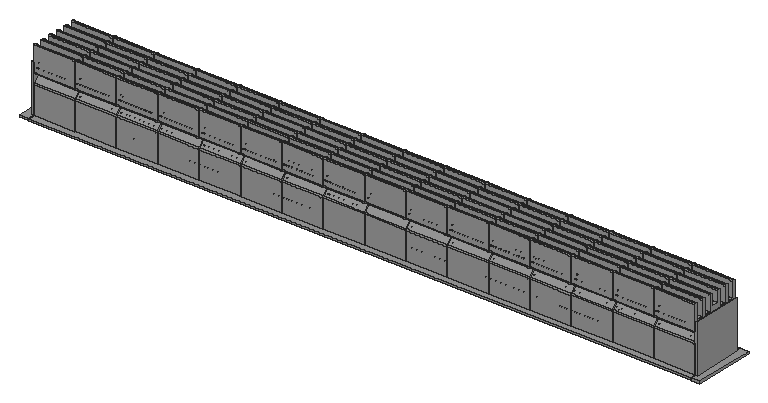
Revit family "Artemide_Sharp_TrimTrimless", category Lighting Fixtures, Revit 2018
Family settings
  Round Connector Dimension = Use Diameter
  Part Type = Normal
  Work Plane-Based = Yes
  Always vertical = Yes
  Cut with Voids When Loaded = Yes
  Light Source = Yes
  Shared = No
  Room Calculation Point = No
Parameters (values of type "Sharp_16opticunit_44W_52°_4000K_TrimWhite_AF25501")
  Wattage = 44 W
  built-in parameter 1150110 = 1 (stored number, unit not read)
  Voltage = "-"
  V_Trim = yes
  V_2Optics = if(or(Distance_RightSideClosure < 21 mm, Distance_RightSideClosure > 131 mm), 1 = 0, 1 = 1)  # no
  V_1Optic = if(Distance_RightSideClosure < 58 mm, 1 = 0, 1 = 1)  # yes
  TotalNumberOfOptics = NumberOfOptics + 1  # 16
  built-in parameter 1114217 = 1 (stored number, unit not read)
  Tilt Angle = 90.00°
  built-in parameter 1150109 = 1 (stored number, unit not read)
  built-in parameter 1150134 = 12
  built-in parameter 1150113 = 1 (stored number, unit not read)
  Product Range = "Sharp"
  Photometric Web File = "AF25501+AF95201.IES"
  NumberOfOptics = 15
  Max Height from ceiling = 0 mm
  M_Trim = Artemide_Aluminum_White
  M_Louvre [instance] = Artemide_Aluminum_Black
  M_Housing = Artemide_Aluminum_Black
  M_Diffuser = Artemide_Glass_LightBulb
  built-in parameter 1150105 = 265.37 (stored number, unit not read)
  Lumens = 3334.76 lm
  built-in parameter 1150115 = 1 (stored number, unit not read)
  built-in parameter 1150137 = (empty or 0)
  built-in parameter 1150139 = (empty or 0)
  built-in parameter 1150112 = 1 (stored number, unit not read)
  built-in parameter 1150114 = 1 (stored number, unit not read)
  built-in parameter 1150132 = (empty or 0)
  built-in parameter 1150102 = (empty or 0)
  built-in parameter 1150107 = 4000 (stored number, unit not read)
  built-in parameter 1150138 = (empty or 0)
  built-in parameter 1150106 = 2.6537 (stored number, unit not read)
  IfcExportType = "NOT DEFINED"  # constant formula
  IfcExportAs = "IfcLightFixtureType"  # constant formula
  Weekly = "-"
  Warranty ID = "https://cloud.artemide.com/5-years-warranty"
  Upward Component  = 0
  Unified Glare Rating  = "-"
  Uniclass 2015 = "Pr_70_70_48"  # constant formula
  URL to O&M Manual = "https://www.artemide.com/contents/documenti/prodotto/sharp__instructions4862552.pdf"
  URL to Energy Technology List = "-"
  Trim Material = "Aluminium"
  Trim Finish = "Painted"
  Trim Colour  = "White"
  Total Power = 0
  Total Light Output  = 0
  Testing method = "-"
  Supply Phase = 0
  Suitable for Photocell Control = "-"
  Suitable for Motion Detector Control = "N"
  Suitable for Dimming  = "N"
  Suitable Dimmer Type = "-"
  Standards = "-"
  Shipping Weight = 0
  Service life  = "-"
  Secondary Rated Lamp Life = 0
  Secondary Lamp Voltage = 0
  Secondary Lamp International Type Code = "-"
  Secondary Lamp Initial Lumens  = 0
  Secondary Lamp Included = "-"
  Secondary Lamp Efficacy = 0
  Secondary Lamp Colour Temperature = 0
  Secondary Lamp Colour Rendering Index = 0
  Secondary Lamp Cap = "-"
  Secondary Lamp = "N"
  Responsible Sourcing of Materials = "-"
  Responsible Extraction of Materials = "-"
  Reflector Material = "-"
  Reflector Finish = "-"
  Rated Lamp Life = 103000
  Quarterly = "-"
  Product Model Number = "AF25501"
  Product Literature = "https://www.artemide.com/en/subfamily/3396139/sharp"
  Primary Lamp Type = "LED"
  Power Supply Kit = "-"
  Power Factor = 0
  Photocell = "-"
  Overall Width = 43
  Overall Light Output Ratio = 0
  Overall Length = 589
  Overall Height = 38
  Output Lumens Indirect light = 0
  Output Lumens Direct light = 3335
  Number of Secondary Lamps = 0
  Number of Primary Lamps = 1
  Number of Poles = 0
  Motion Sensor = "-"
  Motion Detector = "-"
  Monthly = "-"
  Minimum Operating Temperature = 0
  Maximum Operating Temperature = 0
  Material Ingredient Reporting = "-"
  Manufacturer Website = "https://www.artemide.com"
  Manufacturer = "Artemide"
  Maintenance Required: 8001-12000hrs  = "-"
  Maintenance Required: 601-1000hrs = "-"
  Maintenance Required: 4001-8000hrs  = "-"
  Maintenance Required: 301-600hrs  = "-"
  Maintenance Required: 2001-4000hrs  = "-"
  Maintenance Required: 1001-2000hrs  = "-"
  Maintenance Required: 0-300hrs  = "-"
  Luminance at 65deg Angle = 0
  Luminaire Type = "Downlight"
  Luminaire Maintenance Factor = 0
  Luminaire Cleaning Interval  = "-"
  Louvre/Lens = "-"
  Location of Manufacturer = "-"
  Light Output Pattern = "-"
  Light Fixture Mounting Type = "Recessed"
  Life Cycle Analysis = "-"
  Lamp Survival Factor = "-"
  Lamp Replacement Interval = "-"
  Lamp Included = "Y"
  Lamp Holder Material = "-"
  Lamp Cap = "LED Integrated"
  LED lifetime = 103000
  LED Maintained Colour Variation         = 0
  LED Initial Colour Variation                      = 0
  International Type Code = "-"
  Intended Market = "Unset"
  Integral Fuse or Circuit Protection  = "-"
  Integral Emergency Lighting Battery Type = "-"
  Input Lumens Indirect light = 0
  Input Lumens Direct light = 4543.91
  Initial Lumens = 804
  Infills = "-"
  IP Rating = "IP20"
  IK Rating = "-"
  IES Files  = "-"
  Housing Material = "Aluminium"
  Housing Finish  = "Painted"
  Housing Colour  = "Black"
  Hazardous Area Protection Type = "-"
  Hazardous Area Category = "-"
  Gross Weight = 0
  Green Guide for Specification = "-"
  Gasket Material = "-"
  Frequency  = 0
  Fixings = "-"
  Fixing Material = "-"
  Fire Shroud = "-"
  Fire Rating Duration = 0
  Fire Rated Temperature = 0
  Fire Rated = "-"
  Features = "Any additional components/accessories included in this file are required to complete the product/configuration and must be ordered separately.Please check the catalogue/dedicated brochure for more information"
  Face Width = 0
  Face Shape = "Rectangular"
  Face Length = 0
  External Control Line Voltage = 0
  Expected Life = "-"
  Environmental Product Declaration = "-"
  End Caps/Transition Caps/Joints = "-"
  Emit from Rectangle Width = 37 mm
  Emit from Rectangle Length = 592 mm
  Emit Shape Visible in Rendering = no
  Emergency light output percentage = 0
  Emergency Lighting Battery = "-"
  Emergency Charging Power       = 0
  Emergency = "N"
  Embodied Carbon  = 0
  Efficiency = 73
  built-in parameter 1150104 = 7.0411 (stored number, unit not read)
  Earth Point  = "-"
  ENEC Certification of European conformity = "N"
  Duration of Integral Emergency Lighting  = 0
  Drive Current                                          = 0
  Downward Component = 0
  Distance_RightSideClosure = 575.5 mm
  Dimming Lamp Color Temperature Shift = <None>
  Diffusing screen = "-"
  Diffuser Material  = "-"
  Diffuser Finish = "-"
  Designed by = "Carlotta de Bevilacqua"
  Default Elevation = 1219.2 mm
  Daylight Sensor = "-"
  Daily = "-"
  Cut Out Width = 0
  Cut Out Length = 0
  Current  = 0
  Control Gear Type = "-"
  Control Gear Standby Power  = 0
  Control Gear Required = "-"
  Control Gear Location = "-"
  Column = "-"
  Colour Temperature = 4000
  Colour Rendering Index = 90
  Color Filter = 16777215
  Cable Material = "-"
  CE Approval = "YES"
  Bespoke Timeframe = "-"
  Beam Angle Transverse Axis  = 0.00°
  Beam Angle Longditudinal Axis  = 0.00°
  Basis of lifetime luminaire failures        = 0
  Basis of lifetime lumen depreciation   = 0
  built-in parameter 1114218 = 1 (stored number, unit not read)
  built-in parameter 1150133 = 10 (stored number, unit not read)
  Application Environment = "Internal"
  Annually = "-"
  Ambient Temperature                             = 0
  Air Handling = "-"
  Access Clearance Top = 0
  Access Clearance Right = 0
  Access Clearance Rear = 0
  Access Clearance Left = 0
  Access Clearance Front = 0
  Access Clearance Bottom = 0
  6 Monthly = "-"
Reference planes
  plane 1 "Center (Front/Back)": y = 0
  plane 2: z = 0
  plane 3 "Center (Left/Right)": x = 0
  plane 4: x = -18.5
  plane 5: x = -20.474
  plane 6: z = 43.163
  plane 7: y = 22.3
  plane 8: y = -22.3
  plane 9: x = 573.526
  plane 10: x = 575.5
  plane 11: z = 57.263
  plane 12: z = -1.8
  plane 13: y = -27.25
  plane 14: y = -18.501
  plane 15: y = 27.25
  plane 16: y = 18.501
  plane 17: x = -19.4
  plane 18: x = -26.4
  plane 19: x = 574.4
  plane 20: x = 581.4
  plane 21: z = 0.5
  plane 22: z = 0
  plane 23 "Light": z = 20.5
  plane 24: x = 277.513
Forms (mm)
  Extrusion 1, solid, material "Artemide_Aluminum_Black" <- "M_Housing"
    sketch origin (0, 0, 0) x (0, 1, 0) y (0, 0, 1)
      loop
        line (22.3, 43.163) -> (-22.3, 43.163) -> (-22.3, 0.5) -> (22.3, 0.5) -> (22.3, 43.163)
    from -20.474 to -18.5
  Extrusion 2, solid, material "Artemide_Aluminum_Black" <- "M_Housing"
    sketch origin (-38.016, 0, 0) x (0, 1, 0) y (0, 0, 1)
      loop
        line (22.3, 43.163) -> (-22.3, 43.163) -> (-22.3, 0.5) -> (22.3, 0.5) -> (22.3, 43.163)
    from 611.542 to 613.516
  Extrusion 3, void
    sketch origin (0, 0, 0) x (1, 0, 0) y (0, 1, 0)
      loop
        line (-18.5, 18.501) -> (-18.5, -18.501) -> (573.526, -18.501) -> (573.526, 18.501) -> (-18.5, 18.501)
    from 0 to 57.263
  Extrusion 4, solid, material "Artemide_Aluminum_White" <- "M_Trim", visible <- "V_Trim"
    sketch origin (0, 0, 0) x (0, 1, 0) y (0, 0, 1)
      loop
        line (27.25, 0) -> (18.501, 0) -> (18.501, -1.8) -> (27.25, -1.8) -> (27.25, 0)
      loop
        line (-27.25, 0) -> (-27.25, -1.8) -> (-18.501, -1.8) -> (-18.501, 0) -> (-27.25, 0)
    from -18.5 to 573.526
  Extrusion 5, solid, material "Artemide_Aluminum_White" <- "M_Trim", visible <- "V_Trim"
    sketch origin (0, 0, 0) x (1, 0, 0) y (0, 0, 1)
      loop
        line (-26.4, 0) -> (-26.4, -1.8) -> (-19.4, -1.8) -> (-19.4, -0.92) -> (-18.5, -0.92) -> (-18.5, 0) -> (-26.4, 0)
    from -27.25 to 27.25
  Extrusion 6, solid, material "Artemide_Aluminum_White" <- "M_Trim", visible <- "V_Trim"
    sketch origin (0, 0, 0) x (-1, 0, 0) y (0, 0, -1)
      loop
        line (-581.4, 0) -> (-573.526, 0) -> (-573.526, 0.92) -> (-574.4, 0.92) -> (-574.4, 1.8) -> (-581.4, 1.8) -> (-581.4, 0)
    from -27.25 to 27.25
Dimensions and locks
  locked: plane 3 "Center (Left/Right)" to plane 4 at 18.5
  locked: plane 4 to plane 5 at 1.974
  equal spacing: plane 7, plane 1 "Center (Front/Back)", plane 8
  locked: plane 7 to plane 8 at 44.6
  locked: plane 6 to plane 2 at 43.163
  locked: plane 9 to plane 10 at 1.974
  "Distance_RightSideClosure": plane 10 to plane 3 "Center (Left/Right)"
  locked: plane 6 to plane 11 at 14.1
  equal spacing: group 1, group 2, group 3, group 4, group 5, group 6, group 7, group 8, group 9, group 10, group 11, group 12, group 13, group 14, group 15  (x3)
  locked: plane 2 to plane 12 at 1.8
  equal spacing: plane 16, plane 1 "Center (Front/Back)", plane 14
  locked: plane 16 to plane 14 at 37.003
  equal spacing: plane 15, plane 1 "Center (Front/Back)", plane 13
  locked: plane 15 to plane 13 at 54.5
  locked: plane 4 to plane 17 at 0.9
  locked: plane 4 to plane 18 at 7.9
  locked: plane 19 to plane 10 at 1.1
  locked: plane 10 to plane 20 at 5.9
  locked: plane 23 "Light" to plane 22 at 20.5
  equal spacing: plane 9, plane 24, plane 4
  aligned and locked: plane 3 "Center (Left/Right)" to nested 1
  aligned and locked: plane 1 "Center (Front/Back)" to nested 1
  aligned and locked: plane 7 to Extrusion 1 sketch curve
  aligned and locked: plane 6 to Extrusion 1 sketch curve
  aligned and locked: plane 8 to Extrusion 1 sketch curve
  aligned and locked: Extrusion 1 to plane 5
  aligned and locked: plane 4 to Extrusion 1
  aligned and locked: Extrusion 2 to plane 10
  aligned and locked: plane 9 to Extrusion 2
  aligned and locked: plane 6 to Extrusion 2 sketch curve
  aligned and locked: plane 8 to Extrusion 2 sketch curve
  aligned and locked: plane 7 to Extrusion 2 sketch curve
  aligned and locked: Extrusion 3 to plane 2
  aligned and locked: Extrusion 3 to plane 11
  aligned and locked: plane 15 to Extrusion 4 sketch curve
  aligned and locked: Extrusion 4 sketch curve to plane 2
  aligned and locked: Extrusion 4 sketch curve to plane 16
  aligned and locked: Extrusion 4 sketch curve to plane 12
  aligned and locked: plane 14 to Extrusion 4 sketch curve
  aligned and locked: plane 2 to Extrusion 4 sketch curve
  aligned and locked: Extrusion 4 sketch curve to plane 13
  aligned and locked: plane 12 to Extrusion 4 sketch curve
  aligned and locked: Extrusion 4 to plane 4
  aligned and locked: Extrusion 4 to plane 9
  aligned and locked: Extrusion 5 sketch curve to plane 18
  aligned and locked: plane 2 to Extrusion 5 sketch curve
  aligned and locked: plane 4 to Extrusion 5 sketch curve
  aligned and locked: plane 12 to Extrusion 5 sketch curve
  aligned and locked: Extrusion 5 to plane 15
  aligned and locked: Extrusion 5 to plane 13
  aligned and locked: plane 20 to Extrusion 6 sketch curve
  aligned and locked: Extrusion 6 sketch curve to plane 12
  aligned and locked: Extrusion 6 sketch curve to plane 9
  aligned and locked: Extrusion 6 sketch curve to plane 2
  aligned and locked: Extrusion 6 to plane 15
  aligned and locked: Extrusion 6 to plane 13
  aligned and locked: Extrusion 3 to plane 9
  aligned and locked: Extrusion 3 to plane 4
  aligned and locked: Extrusion 3 to plane 16
  aligned and locked: Extrusion 3 to plane 14
  aligned and locked: imposter light to plane 1 "Center (Front/Back)"
  aligned and locked: Extrusion 1 sketch curve to plane 21
  aligned and locked: plane 21 to Extrusion 2 sketch curve
  aligned and locked: imposter light to plane 23 "Light"
  aligned and locked: imposter light to plane 24
Automatic sketch dimensions
  plane 5 to Extrusion 3 sketch curve = 1.974 mm
  plane 8 to Extrusion 3 sketch curve = 3.799 mm
  plane 10 to Extrusion 3 sketch curve = 1.974 mm
  plane 7 to Extrusion 3 sketch curve = 3.799 mm
  Extrusion 5 sketch curve to plane 17 = 0 mm
  Extrusion 5 sketch curve to Extrusion 5 sketch curve = 0.88 mm
  plane 19 to Extrusion 6 sketch curve = 0 mm
  Extrusion 6 sketch curve to Extrusion 6 sketch curve = 0.88 mm
Nested families
  nested 1: "Artedime_Sharp_BasicGeometry" at (0, 0, 0), M_Diffuser <- "M_Diffuser", M_Housing <- "M_Housing", M_Louvre <- "M_Louvre", type "Artedime_Sharp_BasicGeometry"
    with M_Louvre Artemide_Aluminum_Black, M_Housing Artemide_Aluminum_Black, M_Diffuser Artemide_Glass_LightBulb
  nested 2: "Artedime_Sharp_BasicGeometry" at (37, 0, 0), M_Diffuser <- "M_Diffuser", M_Housing <- "M_Housing", visible <- "V_1Optic", M_Louvre <- "M_Louvre", type "Artedime_Sharp_BasicGeometry"
    with M_Louvre Artemide_Aluminum_Black, M_Housing Artemide_Aluminum_Black, M_Diffuser Artemide_Glass_LightBulb
  nested 3: "Artedime_Sharp_BasicGeometry" at (74, 0, 0), M_Diffuser <- "M_Diffuser", M_Housing <- "M_Housing", visible <- "V_1Optic", M_Louvre <- "M_Louvre", type "Artedime_Sharp_BasicGeometry"
    with M_Louvre Artemide_Aluminum_Black, M_Housing Artemide_Aluminum_Black, M_Diffuser Artemide_Glass_LightBulb
  nested 4: "Artedime_Sharp_BasicGeometry" at (37.059, 0, 0), M_Diffuser <- "M_Diffuser", M_Housing <- "M_Housing", M_Louvre <- "M_Louvre", visible <- "V_2Optics", type "Artedime_Sharp_BasicGeometry"
    with M_Louvre Artemide_Aluminum_Black, M_Housing Artemide_Aluminum_Black, M_Diffuser Artemide_Glass_LightBulb
  nested 5: "Artedime_Sharp_BasicGeometry" at (111, 0, 0), M_Diffuser <- "M_Diffuser", M_Housing <- "M_Housing", visible <- "V_1Optic", M_Louvre <- "M_Louvre", type "Artedime_Sharp_BasicGeometry"
    with M_Louvre Artemide_Aluminum_Black, M_Housing Artemide_Aluminum_Black, M_Diffuser Artemide_Glass_LightBulb
  nested 6: "Artedime_Sharp_BasicGeometry" at (148, 0, 0), M_Diffuser <- "M_Diffuser", M_Housing <- "M_Housing", visible <- "V_1Optic", M_Louvre <- "M_Louvre", type "Artedime_Sharp_BasicGeometry"
    with M_Louvre Artemide_Aluminum_Black, M_Housing Artemide_Aluminum_Black, M_Diffuser Artemide_Glass_LightBulb
  nested 7: "Artedime_Sharp_BasicGeometry" at (185, 0, 0), M_Diffuser <- "M_Diffuser", M_Housing <- "M_Housing", visible <- "V_1Optic", M_Louvre <- "M_Louvre", type "Artedime_Sharp_BasicGeometry"
    with M_Louvre Artemide_Aluminum_Black, M_Housing Artemide_Aluminum_Black, M_Diffuser Artemide_Glass_LightBulb
  nested 8: "Artedime_Sharp_BasicGeometry" at (222, 0, 0), M_Diffuser <- "M_Diffuser", M_Housing <- "M_Housing", visible <- "V_1Optic", M_Louvre <- "M_Louvre", type "Artedime_Sharp_BasicGeometry"
    with M_Louvre Artemide_Aluminum_Black, M_Housing Artemide_Aluminum_Black, M_Diffuser Artemide_Glass_LightBulb
  nested 9: "Artedime_Sharp_BasicGeometry" at (259, 0, 0), M_Diffuser <- "M_Diffuser", M_Housing <- "M_Housing", visible <- "V_1Optic", M_Louvre <- "M_Louvre", type "Artedime_Sharp_BasicGeometry"
    with M_Louvre Artemide_Aluminum_Black, M_Housing Artemide_Aluminum_Black, M_Diffuser Artemide_Glass_LightBulb
  nested 10: "Artedime_Sharp_BasicGeometry" at (296, 0, 0), M_Diffuser <- "M_Diffuser", M_Housing <- "M_Housing", visible <- "V_1Optic", M_Louvre <- "M_Louvre", type "Artedime_Sharp_BasicGeometry"
    with M_Louvre Artemide_Aluminum_Black, M_Housing Artemide_Aluminum_Black, M_Diffuser Artemide_Glass_LightBulb
  nested 11: "Artedime_Sharp_BasicGeometry" at (333, 0, 0), M_Diffuser <- "M_Diffuser", M_Housing <- "M_Housing", visible <- "V_1Optic", M_Louvre <- "M_Louvre", type "Artedime_Sharp_BasicGeometry"
    with M_Louvre Artemide_Aluminum_Black, M_Housing Artemide_Aluminum_Black, M_Diffuser Artemide_Glass_LightBulb
  nested 12: "Artedime_Sharp_BasicGeometry" at (370, 0, 0), M_Diffuser <- "M_Diffuser", M_Housing <- "M_Housing", visible <- "V_1Optic", M_Louvre <- "M_Louvre", type "Artedime_Sharp_BasicGeometry"
    with M_Louvre Artemide_Aluminum_Black, M_Housing Artemide_Aluminum_Black, M_Diffuser Artemide_Glass_LightBulb
  nested 13: "Artedime_Sharp_BasicGeometry" at (407, 0, 0), M_Diffuser <- "M_Diffuser", M_Housing <- "M_Housing", visible <- "V_1Optic", M_Louvre <- "M_Louvre", type "Artedime_Sharp_BasicGeometry"
    with M_Louvre Artemide_Aluminum_Black, M_Housing Artemide_Aluminum_Black, M_Diffuser Artemide_Glass_LightBulb
  nested 14: "Artedime_Sharp_BasicGeometry" at (444, 0, 0), M_Diffuser <- "M_Diffuser", M_Housing <- "M_Housing", visible <- "V_1Optic", M_Louvre <- "M_Louvre", type "Artedime_Sharp_BasicGeometry"
    with M_Louvre Artemide_Aluminum_Black, M_Housing Artemide_Aluminum_Black, M_Diffuser Artemide_Glass_LightBulb
  nested 15: "Artedime_Sharp_BasicGeometry" at (481, 0, 0), M_Diffuser <- "M_Diffuser", M_Housing <- "M_Housing", visible <- "V_1Optic", M_Louvre <- "M_Louvre", type "Artedime_Sharp_BasicGeometry"
    with M_Louvre Artemide_Aluminum_Black, M_Housing Artemide_Aluminum_Black, M_Diffuser Artemide_Glass_LightBulb
  nested 16: "Artedime_Sharp_BasicGeometry" at (518, 0, 0), M_Diffuser <- "M_Diffuser", M_Housing <- "M_Housing", visible <- "V_1Optic", M_Louvre <- "M_Louvre", type "Artedime_Sharp_BasicGeometry"
    with M_Louvre Artemide_Aluminum_Black, M_Housing Artemide_Aluminum_Black, M_Diffuser Artemide_Glass_LightBulb
  nested 17: "Artedime_Sharp_BasicGeometry" at (555, 0, 0), M_Diffuser <- "M_Diffuser", M_Housing <- "M_Housing", visible <- "V_1Optic", M_Louvre <- "M_Louvre", type "Artedime_Sharp_BasicGeometry"
    with M_Louvre Artemide_Aluminum_Black, M_Housing Artemide_Aluminum_Black, M_Diffuser Artemide_Glass_LightBulb
Definition of nested family "Artedime_Sharp_BasicGeometry"
  Parameters (values of type "Artedime_Sharp_BasicGeometry")
    Voltage = ""
    Product Range = ""
    Max Height from ceiling = 0 mm
    M_Louvre [instance] = none
    M_Housing [instance] = none
    M_Diffuser [instance] = none
    IfcExportType = "NOT DEFINED"  # constant formula
    IfcExportAs = "IfcLightFixtureType"  # constant formula
    Weekly = ""
    Warranty ID = ""
    Upward Component  = 0
    Unified Glare Rating  = ""
    Uniclass 2015 = "Pr_70_70_48"  # constant formula
    URL to O&M Manual = ""
    URL to Energy Technology List = ""
    Trim Material = ""
    Trim Finish = ""
    Trim Colour  = ""
    Total Power = 0
    Total Light Output  = 0
    Testing method = ""
    Supply Phase = 0
    Suitable for Photocell Control = ""
    Suitable for Motion Detector Control = ""
    Suitable for Dimming  = ""
    Suitable Dimmer Type = ""
    Standards = ""
    Shipping Weight = 0
    Service life  = ""
    Secondary Rated Lamp Life = 0
    Secondary Lamp Voltage = 0
    Secondary Lamp International Type Code = ""
    Secondary Lamp Initial Lumens  = 0
    Secondary Lamp Included = ""
    Secondary Lamp Efficacy = 0
    Secondary Lamp Colour Temperature = 0
    Secondary Lamp Colour Rendering Index = 0
    Secondary Lamp Cap = ""
    Secondary Lamp = ""
    Responsible Sourcing of Materials = ""
    Responsible Extraction of Materials = ""
    Reflector Material = ""
    Reflector Finish = ""
    Rated Lamp Life = 0
    Quarterly = ""
    Product Model Number = ""
    Product Literature = ""
    Primary Lamp Type = ""
    Power Supply Kit = ""
    Power Factor = 0
    Photocell = ""
    Overall Width = 0
    Overall Light Output Ratio = 0
    Overall Length = 0
    Overall Height = 0
    Output Lumens Indirect light = 0
    Output Lumens Direct light = 0
    Number of Secondary Lamps = 0
    Number of Primary Lamps = 0
    Number of Poles = 0
    Motion Sensor = ""
    Motion Detector = ""
    Monthly = ""
    Minimum Operating Temperature = 0
    Maximum Operating Temperature = 0
    Material Ingredient Reporting = ""
    Manufacturer Website = "https://www.artemide.com"
    Manufacturer = "Artemide"
    Maintenance Required: 8001-12000hrs  = ""
    Maintenance Required: 601-1000hrs = ""
    Maintenance Required: 4001-8000hrs  = ""
    Maintenance Required: 301-600hrs  = ""
    Maintenance Required: 2001-4000hrs  = ""
    Maintenance Required: 1001-2000hrs  = ""
    Maintenance Required: 0-300hrs  = ""
    Luminance at 65deg Angle = 0
    Luminaire Type = ""
    Luminaire Maintenance Factor = 0
    Luminaire Cleaning Interval  = ""
    Louvre/Lens = ""
    Location of Manufacturer = ""
    Light Output Pattern = ""
    Light Fixture Mounting Type = ""
    Life Cycle Analysis = ""
    Lamp Survival Factor = ""
    Lamp Replacement Interval = ""
    Lamp Included = ""
    Lamp Holder Material = ""
    Lamp Cap = ""
    LED lifetime = 0
    LED Maintained Colour Variation         = 0
    LED Initial Colour Variation                      = 0
    International Type Code = ""
    Intended Market = ""
    Integral Fuse or Circuit Protection  = ""
    Integral Emergency Lighting Battery Type = ""
    Input Lumens Indirect light = 0
    Input Lumens Direct light = 0
    Initial Lumens = 0
    Infills = ""
    IP Rating = ""
    IK Rating = ""
    IES Files  = ""
    Housing Material = ""
    Housing Finish  = ""
    Housing Colour  = ""
    Hazardous Area Protection Type = ""
    Hazardous Area Category = ""
    Gross Weight = 0
    Green Guide for Specification = ""
    Gasket Material = ""
    Frequency  = 0
    Fixings = ""
    Fixing Material = ""
    Fire Shroud = ""
    Fire Rating Duration = 0
    Fire Rated Temperature = 0
    Fire Rated = ""
    Features = ""
    Face Width = 0
    Face Shape = ""
    Face Length = 0
    External Control Line Voltage = 0
    Expected Life = ""
    Environmental Product Declaration = ""
    End Caps/Transition Caps/Joints = ""
    Emergency light output percentage = 0
    Emergency Lighting Battery = ""
    Emergency Charging Power       = 0
    Emergency = ""
    Embodied Carbon  = 0
    Efficiency = 0
    Efficacy_2 = 0
    Earth Point  = ""
    ENEC Certification of European conformity = ""
    Duration of Integral Emergency Lighting  = 0
    Drive Current                                          = 0
    Downward Component = 0
    Diffusing screen = ""
    Diffuser Material  = ""
    Diffuser Finish = ""
    Designed by = ""
    Default Elevation = 1219.2 mm
    Daylight Sensor = ""
    Daily = ""
    Cut Out Width = 0
    Cut Out Length = 0
    Current  = 0
    Control Gear Type = ""
    Control Gear Standby Power  = 0
    Control Gear Required = ""
    Control Gear Location = ""
    Column = ""
    Colour Temperature = 0
    Colour Rendering Index = 0
    Cable Material = ""
    CE Approval = ""
    Bespoke Timeframe = ""
    Beam Angle Transverse Axis  = 0.00°
    Beam Angle Longditudinal Axis  = 0.00°
    Basis of lifetime luminaire failures        = 0
    Basis of lifetime lumen depreciation   = 0
    Application Environment = ""
    Annually = ""
    Ambient Temperature                             = 0
    Air Handling = ""
    Access Clearance Top = 0
    Access Clearance Right = 0
    Access Clearance Rear = 0
    Access Clearance Left = 0
    Access Clearance Front = 0
    Access Clearance Bottom = 0
    6 Monthly = ""
  Reference planes
    plane 1 "Center (Front/Back)": y = 0
    plane 2: z = 0
    plane 3 "Center (Left/Right)": x = 0
    plane 4: z = 0.8
    plane 5: z = 17.07
    plane 6: z = 17.341
    plane 7: z = 18.703
    plane 8: z = 37.863
    plane 9: y = 16.768
    plane 10: y = -16.768
    plane 11: x = 16.8
    plane 12: x = -16.8
    plane 13: y = 11.557
    plane 14: y = -11.557
    plane 15: x = -11.597
    plane 16: x = 11.597
    plane 17: z = 57.263
    plane 18: x = -18.526
    plane 19: x = 18.526
  Forms (mm)
    Revolve 1, solid, material <- "M_Housing"
      sketch origin (0, 0, 0) x (0, 1, 0) y (0, 0, 1)
        loop
          line (3.42, 37.863) -> (0, 37.863) -> (0, 36.863) -> (2.846, 36.863)
          arc (2.846, 36.863) -> (6.44, 28.099) -> (7.639, 18.703) r 36.224
          line (7.639, 18.703) -> (8.639, 18.703)
          arc (8.639, 18.703) -> (7.331, 28.638) -> (3.42, 37.863) r 37.224
        axis (0, 37.863) -> (0, 18.703)
      angle from 0 to 360
    Revolve 2, solid, material <- "M_Housing"
      sketch origin (0, 0, 0) x (0, 1, 0) y (0, 0, 1)
        loop
          line (10.031, 17.341) -> (8.639, 18.703) -> (7.639, 18.703) -> (9.001, 17.341) -> (10.031, 17.341)
        axis (0, 18.703) -> (0, 17.341)
      angle from 0 to 360
    Sweep 3, solid, material <- "M_Louvre"
      path origin (0, 0, 0) x (1, 0, 0) y (0, 1, 0)
        loop
          line (-16.8, 16.768) -> (-16.8, -16.768) -> (16.8, -16.768) -> (16.8, 16.768) -> (-16.8, 16.768)
      profile origin (0, 16.768, 0) x (0, 1, 0) y (0, 0, 1)
        loop
          line (1.733, 0) -> (1.733, 0.798)
          arc (1.733, 0.798) -> (1.068, 0.973) -> (0.502, 1.364) r 2.001
          arc (0.502, 1.364) -> (-1.943, 9.367) -> (-5.21, 17.07) r 80.012
          line (-5.21, 17.07) -> (-6.102, 17.07)
          arc (-6.102, 17.07) -> (-2.557, 8.71) -> (0.008, 0) r 79.212
          line (0.008, 0) -> (1.733, 0)
    Extrusion 4, solid, material <- "M_Louvre"
      sketch origin (0, 0, 0) x (1, 0, 0) y (0, 1, 0)
        loop
          line (-11.59, 11.557) -> (-11.59, -11.557) -> (11.59, -11.557) -> (11.59, 11.557) -> (-11.59, 11.557)
        loop
          circle (0, 0) r 9
      from 17.07 to 17.341
    Revolve 5, solid, material <- "M_Diffuser"
      sketch origin (0, 0, 0) x (0, 1, 0) y (0, 0, 1)
        loop
          line (7.639, 18.703) -> (0, 18.703) -> (0, 17.341) -> (9.001, 17.341) -> (7.639, 18.703)
        axis (0, 18.703) -> (0, 17.341)
      angle from 0 to 360
    Extrusion 6, solid, material <- "M_Housing"
      sketch origin (0, 0, 0) x (0, 1, 0) y (0, 0, 1)
        loop
          line (22.3, 0.5) -> (22.3, 24.993)
          arc (22.3, 24.993) -> (22.172, 25.696) -> (21.805, 26.309) r 2
          line (21.805, 26.309) -> (17.103, 31.685)
          arc (17.103, 31.685) -> (16.998, 32.151) -> (17.333, 32.492) r 0.5
          line (17.333, 32.492) -> (21.592, 33.794)
          arc (21.592, 33.794) -> (22.104, 34.156) -> (22.3, 34.751) r 1
          line (22.3, 34.751) -> (22.3, 56.729)
          arc (22.3, 56.729) -> (22.143, 57.107) -> (21.766, 57.263) r 0.534
          line (21.766, 57.263) -> (20.71, 57.263)
          arc (20.71, 57.263) -> (20.349, 57.114) -> (20.2, 56.753) r 0.51
          line (20.2, 56.753) -> (20.2, 43.163) -> (13.808, 43.163) -> (13.808, 56.748)
          arc (13.808, 56.748) -> (13.657, 57.112) -> (13.292, 57.263) r 0.516
          line (13.292, 57.263) -> (12.226, 57.263)
          arc (12.226, 57.263) -> (11.859, 57.111) -> (11.708, 56.745) r 0.518
          line (11.708, 56.745) -> (11.708, 43.163) -> (5.325, 43.163) -> (5.325, 56.748)
          arc (5.325, 56.748) -> (5.174, 57.112) -> (4.809, 57.263) r 0.516
          line (4.809, 57.263) -> (3.743, 57.263)
          arc (3.743, 57.263) -> (3.376, 57.111) -> (3.225, 56.745) r 0.518
          line (3.225, 56.745) -> (3.225, 47.163) -> (-3.225, 47.163) -> (-3.225, 56.745)
          arc (-3.225, 56.745) -> (-3.376, 57.111) -> (-3.743, 57.263) r 0.518
          line (-3.743, 57.263) -> (-4.809, 57.263)
          arc (-4.809, 57.263) -> (-5.174, 57.112) -> (-5.325, 56.748) r 0.516
          line (-5.325, 56.748) -> (-5.325, 43.163) -> (-11.708, 43.163) -> (-11.708, 56.745)
          arc (-11.708, 56.745) -> (-11.859, 57.111) -> (-12.226, 57.263) r 0.518
          line (-12.226, 57.263) -> (-13.292, 57.263)
          arc (-13.292, 57.263) -> (-13.657, 57.112) -> (-13.808, 56.748) r 0.516
          line (-13.808, 56.748) -> (-13.808, 43.163) -> (-20.2, 43.163) -> (-20.2, 56.753)
          arc (-20.2, 56.753) -> (-20.349, 57.114) -> (-20.71, 57.263) r 0.51
          line (-20.71, 57.263) -> (-21.766, 57.263)
          arc (-21.766, 57.263) -> (-22.143, 57.107) -> (-22.3, 56.729) r 0.534
          line (-22.3, 56.729) -> (-22.3, 34.751)
          arc (-22.3, 34.751) -> (-22.104, 34.156) -> (-21.592, 33.794) r 1
          line (-21.592, 33.794) -> (-17.333, 32.492)
          arc (-17.333, 32.492) -> (-16.998, 32.151) -> (-17.103, 31.685) r 0.5
          line (-17.103, 31.685) -> (-21.805, 26.309)
          arc (-21.805, 26.309) -> (-22.172, 25.696) -> (-22.3, 24.993) r 2
          line (-22.3, 24.993) -> (-22.3, 0.5) -> (-18.501, 0.5) -> (-18.501, 2.457) -> (-20.798, 2.257) -> (-20.798, 5.734) -> (-19.6, 5.298) -> (-19.6, 11.37) -> (-21.058, 12.392) -> (-20.484, 13.971) -> (-20.484, 22.531)
          arc (-20.484, 22.531) -> (-20.578, 23.046) -> (-20.103, 23.266) r 0.428
          arc (-20.103, 23.266) -> (-19.415, 23.623) -> (-19.655, 24.36) r 0.599
          arc (-19.655, 24.36) -> (-19.279, 26.658) -> (-17.932, 24.758) r 1.258
          arc (-17.932, 24.758) -> (-17.666, 24.1) -> (-16.956, 24.075) r 0.653
          line (-16.956, 24.075) -> (-16.419, 24.722)
          arc (-16.419, 24.722) -> (-15.612, 25.011) -> (-15.808, 25.847) r 0.644
          line (-15.808, 25.847) -> (-16.948, 26.645)
          arc (-16.948, 26.645) -> (-16.899, 27.141) -> (-16.414, 27.256) r 0.429
          line (-16.414, 27.256) -> (-15.147, 26.738)
          arc (-15.147, 26.738) -> (-14.532, 26.966) -> (-14.504, 27.622) r 0.593
          line (-14.504, 27.622) -> (-15.529, 28.519) -> (-16.38, 28.519)
          arc (-16.38, 28.519) -> (-17.031, 29.17) -> (-16.38, 29.821) r 0.651
          line (-16.38, 29.821) -> (-15.467, 29.821) -> (-14.504, 30.747) -> (-14.504, 31.572) -> (-15.852, 33.907) -> (-19.883, 35.139)
          arc (-19.883, 35.139) -> (-20.315, 35.283) -> (-20.5, 35.7) r 0.564
          line (-20.5, 35.7) -> (-20.502, 36.924)
          arc (-20.502, 36.924) -> (-20.112, 37.412) -> (-19.501, 37.289) r 0.599
          arc (-19.501, 37.289) -> (-18.91, 37.848) -> (-19.357, 38.527) r 0.633
          arc (-19.357, 38.527) -> (-19.717, 40.756) -> (-17.746, 39.655) r 1.254
          arc (-17.746, 39.655) -> (-17.417, 39.046) -> (-16.724, 39.066) r 0.66
          arc (-16.724, 39.066) -> (-16.339, 39.547) -> (-16.311, 40.163) r 0.998
          line (-16.311, 40.163) -> (16.311, 40.163)
          arc (16.311, 40.163) -> (16.339, 39.547) -> (16.724, 39.066) r 0.998
          arc (16.724, 39.066) -> (17.417, 39.046) -> (17.746, 39.655) r 0.66
          arc (17.746, 39.655) -> (19.717, 40.756) -> (19.357, 38.527) r 1.254
          arc (19.357, 38.527) -> (18.91, 37.848) -> (19.501, 37.289) r 0.633
          arc (19.501, 37.289) -> (20.112, 37.412) -> (20.502, 36.924) r 0.599
          line (20.502, 36.924) -> (20.5, 35.7)
          arc (20.5, 35.7) -> (20.315, 35.283) -> (19.883, 35.139) r 0.564
          line (19.883, 35.139) -> (15.852, 33.907) -> (14.504, 31.572) -> (14.504, 30.747) -> (15.467, 29.821) -> (16.38, 29.821)
          arc (16.38, 29.821) -> (17.031, 29.17) -> (16.38, 28.519) r 0.651
          line (16.38, 28.519) -> (15.529, 28.519) -> (14.504, 27.622)
          arc (14.504, 27.622) -> (14.532, 26.966) -> (15.147, 26.738) r 0.593
          line (15.147, 26.738) -> (16.414, 27.256)
          arc (16.414, 27.256) -> (16.899, 27.141) -> (16.948, 26.645) r 0.429
          line (16.948, 26.645) -> (15.808, 25.847)
          arc (15.808, 25.847) -> (15.612, 25.011) -> (16.419, 24.722) r 0.644
          line (16.419, 24.722) -> (16.956, 24.075)
          arc (16.956, 24.075) -> (17.666, 24.1) -> (17.932, 24.758) r 0.653
          arc (17.932, 24.758) -> (19.279, 26.658) -> (19.655, 24.36) r 1.258
          arc (19.655, 24.36) -> (19.415, 23.623) -> (20.103, 23.266) r 0.599
          arc (20.103, 23.266) -> (20.578, 23.046) -> (20.484, 22.531) r 0.428
          line (20.484, 22.531) -> (20.484, 13.971) -> (21.058, 12.392) -> (19.6, 11.37) -> (19.6, 5.798) -> (20.798, 6.234) -> (20.798, 2.757) -> (18.501, 2.957) -> (18.501, 0.5) -> (22.3, 0.5)
      from -18.526 to 18.526
  Cuts and joins
    joined: Sweep 3, Extrusion 4
  Dimensions and locks
    locked: plane 4 to plane 2 at 0.8
    locked: plane 6 to plane 4 at 16.541
    locked: plane 6 to plane 5 at 0.271
    locked: plane 7 to plane 6 at 1.362
    locked: plane 8 to plane 7 at 19.16
    locked: plane 12 to plane 11 at 33.6
    equal spacing: plane 12, plane 3 "Center (Left/Right)", plane 11
    equal spacing: plane 9, plane 1 "Center (Front/Back)", plane 10  (x2)
    locked: plane 9 to plane 10 at 33.536
    plane 9 to plane 10 = 33.536 mm
    equal spacing: plane 13, plane 1 "Center (Front/Back)", plane 14  (x2)
    locked: plane 13 to plane 14 at 23.114
    equal spacing: plane 15, plane 3 "Center (Left/Right)", plane 16
    locked: plane 15 to plane 16 at 23.193
    plane 13 to plane 14 = 23.114 mm
    locked: plane 17 to plane 2 at 57.263
    equal spacing: plane 18, plane 3 "Center (Left/Right)", plane 19
    locked: plane 18 to plane 19 at 37.052
    aligned and locked: level to plane 2
    aligned and locked: Revolve 1 sketch curve to plane 8
    aligned and locked: plane 7 to Revolve 1 sketch curve
    aligned and locked: Revolve 1 sketch curve to plane 1 "Center (Front/Back)"
    aligned and locked: Revolve 2 sketch curve to plane 7
    aligned and locked: plane 6 to Revolve 2 sketch curve
    aligned and locked: Revolve 2 sketch curve to plane 1 "Center (Front/Back)"
    aligned and locked: Sweep 3 sketch curve to plane 9
    aligned and locked: Sweep 3 sketch curve to plane 12
    aligned and locked: Sweep 3 sketch curve to plane 10
    aligned and locked: Sweep 3 sketch curve to plane 11
    aligned and locked: Sweep 3 sketch curve to plane 2
    aligned and locked: Sweep 3 sketch curve to plane 5
    aligned and locked: Extrusion 4 sketch curve to Sweep 3  (x4)
    aligned and locked: Extrusion 4 to plane 5
    aligned and locked: plane 6 to Extrusion 4
    aligned and locked: plane 7 to Revolve 5 sketch curve
    aligned and locked: Revolve 5 sketch curve to plane 6
    aligned and locked: Revolve 5 sketch curve to plane 1 "Center (Front/Back)"
    aligned and locked: plane 17 to Extrusion 6
    aligned and locked: plane 18 to Extrusion 6
    aligned and locked: plane 19 to Extrusion 6
  Automatic sketch dimensions
    Revolve 1 sketch curve to Revolve 1 sketch curve = 0 mm  (x2)
    Revolve 1 sketch curve to plane 1 "Center (Front/Back)" = 0 mm
    plane 7 to Revolve 1 sketch curve = 0.152 mm
    plane 10 to Revolve 1 sketch curve = 11.816 mm
    Revolve 1 sketch curve to plane 8 = 1 mm
    Revolve 1 sketch curve to plane 1 "Center (Front/Back)" = 2.846 mm
    Revolve 1 sketch curve to Revolve 1 sketch curve = 0.574 mm
    Revolve 1 sketch curve to level = 520.992 mm
    plane 17 to Revolve 1 sketch curve = 2684.211 mm
    Revolve 2 sketch curve to plane 13 = 3.918 mm
    Revolve 2 sketch curve to Revolve 2 sketch curve = 1 mm
    Revolve 2 sketch curve to Revolve 2 sketch curve = 0.362 mm
    Revolve 2 sketch curve to Revolve 2 sketch curve = 1.03 mm
    Revolve 2 sketch curve to level = 520.992 mm
    plane 17 to Revolve 2 sketch curve = 2684.211 mm
    Sweep 3 sketch curve to level = 17.981 mm
    profile plane to Sweep 3 sketch curve = 77.136 mm
    Sweep 3 sketch curve to Sweep 3 sketch curve = 0 mm  (x2)
    profile plane to Sweep 3 sketch curve = 6.102 mm
    Sweep 3 sketch curve to Sweep 3 sketch curve = 0.891 mm
    level to Sweep 3 sketch curve = 0.798 mm
    Sweep 3 sketch curve to profile plane = 1.733 mm
    Sweep 3 sketch curve to profile plane = 1.904 mm
    Sweep 3 sketch curve to Sweep 3 sketch curve = 1.993 mm
    plane 1 "Center (Front/Back)" to Extrusion 4 sketch curve = 0 mm
    Extrusion 4 sketch curve to plane 3 "Center (Left/Right)" = 0 mm
    Revolve 5 sketch curve to plane 1 "Center (Front/Back)" = 0 mm
    Revolve 5 sketch curve to plane 13 = 3.918 mm
    Revolve 5 sketch curve to Revolve 5 sketch curve = 1.362 mm
    Revolve 5 sketch curve to level = 520.992 mm
    plane 17 to Revolve 5 sketch curve = 2684.211 mm
    Extrusion 6 sketch curve to plane 17 = 0 mm  (x6)
    plane 10 to Extrusion 6 sketch curve = 5.532 mm
    Extrusion 6 sketch curve to Extrusion 6 sketch curve = 0.495 mm
    Extrusion 6 sketch curve to Extrusion 6 sketch curve = 0.534 mm
    Extrusion 6 sketch curve to Extrusion 6 sketch curve = 0.708 mm
    Extrusion 6 sketch curve to Extrusion 6 sketch curve = 0.292 mm  (x2)
    plane 10 to Extrusion 6 sketch curve = 4.291 mm
    plane 4 to Extrusion 6 sketch curve = 1.457 mm
    Extrusion 6 sketch curve to Extrusion 6 sketch curve = 1.502 mm  (x2)
    Extrusion 6 sketch curve to plane 17 = 0.51 mm  (x2)
    Extrusion 6 sketch curve to Extrusion 6 sketch curve = 1.056 mm  (x2)
    Extrusion 6 sketch curve to plane 8 = 0.939 mm  (x2)
    Extrusion 6 sketch curve to Extrusion 6 sketch curve = 0.798 mm  (x3)
    Extrusion 6 sketch curve to Extrusion 6 sketch curve = 0.002 mm
    Extrusion 6 sketch curve to Extrusion 6 sketch curve = 1.816 mm
    Extrusion 6 sketch curve to Extrusion 6 sketch curve = 2 mm
    Extrusion 6 sketch curve to Extrusion 6 sketch curve = 0.285 mm  (x2)
    Extrusion 6 sketch curve to Extrusion 6 sketch curve = 0.229 mm  (x2)
    Extrusion 6 sketch curve to Extrusion 6 sketch curve = 0.564 mm  (x2)
    Extrusion 6 sketch curve to Extrusion 6 sketch curve = 0.594 mm  (x2)
    Extrusion 6 sketch curve to Extrusion 6 sketch curve = 0.053 mm  (x2)
    Extrusion 6 sketch curve to Extrusion 6 sketch curve = 1.458 mm
    plane 8 to Extrusion 6 sketch curve = 0.057 mm  (x2)
    Extrusion 6 sketch curve to Extrusion 6 sketch curve = 0.369 mm  (x2)
    Extrusion 6 sketch curve to Extrusion 6 sketch curve = 0.541 mm  (x2)
    Extrusion 6 sketch curve to Extrusion 6 sketch curve = 1.305 mm
    plane 10 to Extrusion 6 sketch curve = 1.733 mm
    plane 10 to Extrusion 6 sketch curve = 0.711 mm
    Extrusion 6 sketch curve to Extrusion 6 sketch curve = 0.146 mm  (x2)
    plane 10 to Extrusion 6 sketch curve = 0.524 mm
    plane 10 to Extrusion 6 sketch curve = 0.505 mm
    plane 10 to Extrusion 6 sketch curve = 0.335 mm
    plane 10 to Extrusion 6 sketch curve = 0.319 mm
    plane 10 to Extrusion 6 sketch curve = 0.188 mm
    plane 10 to Extrusion 6 sketch curve = 0.18 mm
    Extrusion 6 sketch curve to plane 10 = 0.192 mm
    Extrusion 6 sketch curve to plane 10 = 0.349 mm
    Extrusion 6 sketch curve to plane 10 = 0.354 mm
    Extrusion 6 sketch curve to plane 10 = 0.388 mm
    Extrusion 6 sketch curve to plane 10 = 0.457 mm
    Extrusion 6 sketch curve to plane 10 = 0.59 mm
    Extrusion 6 sketch curve to plane 10 = 0.916 mm
    Extrusion 6 sketch curve to Extrusion 6 sketch curve = 0.37 mm
    Extrusion 6 sketch curve to Extrusion 6 sketch curve = 0.851 mm
    Extrusion 6 sketch curve to Extrusion 6 sketch curve = 0.913 mm
    Extrusion 6 sketch curve to Extrusion 6 sketch curve = 0.661 mm
    Extrusion 6 sketch curve to Extrusion 6 sketch curve = 0.135 mm  (x2)
    Extrusion 6 sketch curve to Extrusion 6 sketch curve = 0.963 mm
    Extrusion 6 sketch curve to Extrusion 6 sketch curve = 0.508 mm  (x2)
    Extrusion 6 sketch curve to plane 14 = 2.251 mm
    Extrusion 6 sketch curve to Extrusion 6 sketch curve = 0.516 mm  (x2)
    Extrusion 6 sketch curve to plane 14 = 0.669 mm
    Extrusion 6 sketch curve to plane 14 = 0.151 mm
    plane 1 "Center (Front/Back)" to Extrusion 6 sketch curve = 5.325 mm
    Extrusion 6 sketch curve to Extrusion 6 sketch curve = 1.066 mm  (x3)
    plane 1 "Center (Front/Back)" to Extrusion 6 sketch curve = 3.225 mm
    Extrusion 6 sketch curve to plane 17 = 0.518 mm
    Extrusion 6 sketch curve to plane 1 "Center (Front/Back)" = 3.225 mm
    Extrusion 6 sketch curve to Extrusion 6 sketch curve = 2.1 mm  (x2)
    plane 13 to Extrusion 6 sketch curve = 0.151 mm
    plane 13 to Extrusion 6 sketch curve = 0.669 mm
    Extrusion 6 sketch curve to plane 9 = 2.264 mm  (x2)
    Extrusion 6 sketch curve to plane 9 = 1.301 mm
    Extrusion 6 sketch curve to plane 9 = 1.239 mm
    Extrusion 6 sketch curve to plane 9 = 0.96 mm
    Extrusion 6 sketch curve to plane 9 = 0.916 mm
    Extrusion 6 sketch curve to plane 9 = 0.59 mm
    Extrusion 6 sketch curve to plane 9 = 0.457 mm
    Extrusion 6 sketch curve to plane 9 = 0.388 mm
    Extrusion 6 sketch curve to plane 9 = 0.354 mm
    Extrusion 6 sketch curve to plane 9 = 0.349 mm
    Extrusion 6 sketch curve to plane 9 = 0.192 mm
    plane 9 to Extrusion 6 sketch curve = 0.18 mm
    plane 9 to Extrusion 6 sketch curve = 0.188 mm
    plane 9 to Extrusion 6 sketch curve = 0.319 mm
    plane 9 to Extrusion 6 sketch curve = 0.335 mm
    Extrusion 6 sketch curve to Extrusion 6 sketch curve = 0.186 mm
    plane 9 to Extrusion 6 sketch curve = 0.524 mm
    plane 9 to Extrusion 6 sketch curve = 0.565 mm
    plane 9 to Extrusion 6 sketch curve = 1.733 mm
    Extrusion 6 sketch curve to Extrusion 6 sketch curve = 1.704 mm
    Extrusion 6 sketch curve to Extrusion 6 sketch curve = 1.725 mm
    plane 9 to Extrusion 6 sketch curve = 2.832 mm
    Extrusion 6 sketch curve to Extrusion 6 sketch curve = 0.345 mm
    Extrusion 6 sketch curve to Extrusion 6 sketch curve = 0.974 mm
    plane 9 to Extrusion 6 sketch curve = 3.432 mm
    Extrusion 6 sketch curve to Extrusion 6 sketch curve = 0.331 mm
    Extrusion 6 sketch curve to plane 8 = 2.163 mm
    Extrusion 6 sketch curve to Extrusion 6 sketch curve = 2.297 mm  (x2)
    Extrusion 6 sketch curve to Extrusion 6 sketch curve = 0.575 mm
    Extrusion 6 sketch curve to Extrusion 6 sketch curve = 0.8 mm
    Extrusion 6 sketch curve to Extrusion 6 sketch curve = 1.505 mm
    Extrusion 6 sketch curve to Extrusion 6 sketch curve = 1 mm
    Extrusion 6 sketch curve to plane 4 = 0.3 mm  (x2)
    plane 4 to Extrusion 6 sketch curve = 1.657 mm
    plane 4 to Extrusion 6 sketch curve = 1.957 mm
    plane 4 to Extrusion 6 sketch curve = 2.157 mm
    Extrusion 6 sketch curve to Extrusion 6 sketch curve = 2.84 mm  (x2)
    Extrusion 6 sketch curve to Extrusion 6 sketch curve = 0.436 mm  (x2)
    Extrusion 6 sketch curve to plane 5 = 5.7 mm
    Extrusion 6 sketch curve to Extrusion 6 sketch curve = 5.136 mm
    Extrusion 6 sketch curve to Extrusion 6 sketch curve = 1.021 mm  (x2)
    Extrusion 6 sketch curve to Extrusion 6 sketch curve = 1.579 mm  (x2)
    plane 7 to Extrusion 6 sketch curve = 3.828 mm  (x2)
    Extrusion 6 sketch curve to Extrusion 6 sketch curve = 0.318 mm  (x2)
    Extrusion 6 sketch curve to Extrusion 6 sketch curve = 1.001 mm  (x2)
    Extrusion 6 sketch curve to Extrusion 6 sketch curve = 0.225 mm  (x2)
    Extrusion 6 sketch curve to Extrusion 6 sketch curve = 0.56 mm  (x2)
    Extrusion 6 sketch curve to Extrusion 6 sketch curve = 0.647 mm  (x2)
    Extrusion 6 sketch curve to Extrusion 6 sketch curve = 1.142 mm  (x2)
    Extrusion 6 sketch curve to Extrusion 6 sketch curve = 0.597 mm  (x2)
    Extrusion 6 sketch curve to Extrusion 6 sketch curve = 0.439 mm  (x2)
    Extrusion 6 sketch curve to Extrusion 6 sketch curve = 0.891 mm  (x2)
    Extrusion 6 sketch curve to Extrusion 6 sketch curve = 0.214 mm  (x2)
    Extrusion 6 sketch curve to Extrusion 6 sketch curve = 0.578 mm  (x2)
    Extrusion 6 sketch curve to Extrusion 6 sketch curve = 1.204 mm  (x2)
    Extrusion 6 sketch curve to Extrusion 6 sketch curve = 0.651 mm  (x2)
    Extrusion 6 sketch curve to Extrusion 6 sketch curve = 0.926 mm  (x2)
    Extrusion 6 sketch curve to Extrusion 6 sketch curve = 0.825 mm  (x2)
    Extrusion 6 sketch curve to Extrusion 6 sketch curve = 1.864 mm  (x2)
    Extrusion 6 sketch curve to Extrusion 6 sketch curve = 0.329 mm  (x2)
    Extrusion 6 sketch curve to Extrusion 6 sketch curve = 3.13 mm
    Extrusion 6 sketch curve to Extrusion 6 sketch curve = 1.905 mm
    Extrusion 6 sketch curve to Extrusion 6 sketch curve = 1.414 mm  (x2)
    Extrusion 6 sketch curve to Extrusion 6 sketch curve = 0.388 mm
    Extrusion 6 sketch curve to Extrusion 6 sketch curve = 0.561 mm  (x2)
    Extrusion 6 sketch curve to Extrusion 6 sketch curve = 0.075 mm  (x2)
    plane 8 to Extrusion 6 sketch curve = 1.754 mm  (x2)
    plane 8 to Extrusion 6 sketch curve = 1.865 mm  (x2)
    Extrusion 6 sketch curve to Extrusion 6 sketch curve = 0.283 mm  (x2)
    Extrusion 6 sketch curve to Extrusion 6 sketch curve = 0.546 mm
    Extrusion 6 sketch curve to Extrusion 6 sketch curve = 3.435 mm  (x2)
    plane 8 to Extrusion 6 sketch curve = 5.3 mm
    Extrusion 6 sketch curve to Extrusion 6 sketch curve = 0 mm  (x9)
    Extrusion 6 sketch curve to Extrusion 6 sketch curve = 4 mm
    Extrusion 6 sketch curve to plane 8 = 0.575 mm
    Extrusion 6 sketch curve to Extrusion 6 sketch curve = 0.641 mm
    radius of Extrusion 4 sketch curve = 9 mm
Types (216, lengths in mm): name | Wattage | V_Trim | V_2Optics | V_1Optic | TotalNumberOfOptics | built-in parameter 1150134 | Photometric Web File | NumberOfOptics | M_Trim | built-in parameter 1150105 | Lumens | built-in parameter 1150107 | built-in parameter 1150106 | URL to O&M Manual | Trim Finish | Trim Colour  | Product Model Number | Overall Length | Output Lumens Direct light | Input Lumens Direct light | Initial Lumens | Emit from Rectangle Length | Efficiency | built-in parameter 1150104 | Distance_RightSideClosure | Colour Temperature
  Sharp_1opticunit_3W_20°_2700K_Trimless_AF50000 | 3 W | no | no | no | 3 | (empty or 0) | "AF50000+AF95001.IES" | 2 | none | 15.011 (stored number, unit not read) | 188.64 lm | 2700 (stored number, unit not read) | 0.15011 (stored number, unit not read) | "https://www.artemide.com/contents/documenti/prodotto/sharp__instructions4465322.pdf" | "-" | "-" | "AF50000" | 34 | 189 | 249.05 | 804 | 37 | 76 | 5.8417 (stored number, unit not read) | 20.5 | 2700
  Sharp_1opticunit_3W_20°_3000K_Trimless_AF50300 | 3 W | no | no | no | 3 | (empty or 0) | "AF50300+AF95001.IES" | 2 | none | 15.993 (stored number, unit not read) | 200.97 lm | 3000 (stored number, unit not read) | 0.15993 (stored number, unit not read) | "https://www.artemide.com/contents/documenti/prodotto/sharp__instructions4465322.pdf" | "-" | "-" | "AF50300" | 34 | 189 | 265.33 | 804 | 37 | 76 | 6.2236 (stored number, unit not read) | 20.5 | 3000
  Sharp_1opticunit_3W_36°_2700K_Trimless_AF50100 | 3 W | no | no | no | 3 | (empty or 0) | "AF50100+AF95001.IES" | 2 | none | 14.045 (stored number, unit not read) | 176.49 lm | 2700 (stored number, unit not read) | 0.14045 (stored number, unit not read) | "https://www.artemide.com/contents/documenti/prodotto/sharp__instructions4465322.pdf" | "-" | "-" | "AF50100" | 34 | 177 | 249.05 | 804 | 37 | 71 | 5.4655 (stored number, unit not read) | 20.5 | 2700
  Sharp_1opticunit_3W_52°_2700K_Trimless_AF50200 | 3 W | no | no | no | 3 | (empty or 0) | "AF50200+AF95001.IES" | 2 | none | 14.546 (stored number, unit not read) | 182.79 lm | 2700 (stored number, unit not read) | 0.14546 (stored number, unit not read) | "https://www.artemide.com/contents/documenti/prodotto/sharp__instructions4465322.pdf" | "-" | "-" | "AF50200" | 34 | 183 | 249.05 | 804 | 37 | 73 | 5.6606 (stored number, unit not read) | 20.5 | 2700
  Sharp_1opticunit_3W_36°_3000K_Trimless_AF50400 | 3 W | no | no | no | 3 | (empty or 0) | "AF50400+AF95001.IES" | 2 | none | 14.964 (stored number, unit not read) | 188.04 lm | 3000 (stored number, unit not read) | 0.14964 (stored number, unit not read) | "https://www.artemide.com/contents/documenti/prodotto/sharp__instructions4465322.pdf" | "-" | "-" | "AF50400" | 34 | 177 | 265.33 | 804 | 37 | 71 | 5.8232 (stored number, unit not read) | 20.5 | 3000
  Sharp_1opticunit_3W_52°_3000K_Trimless_AF50500 | 3 W | no | no | no | 3 | (empty or 0) | "AF50500+AF95001.IES" | 2 | none | 15.496 (stored number, unit not read) | 194.73 lm | 3000 (stored number, unit not read) | 0.15496 (stored number, unit not read) | "https://www.artemide.com/contents/documenti/prodotto/sharp__instructions4465322.pdf" | "-" | "-" | "AF50500" | 34 | 195 | 265.33 | 804 | 37 | 73 | 6.0303 (stored number, unit not read) | 20.5 | 3000
  Sharp_1opticunit_3W_20°_4000K_Trimless_AF50600 | 3 W | no | no | no | 3 | 12 | "AF50600+AF95001.IES" | 2 | none | 17.117 (stored number, unit not read) | 215.1 lm | 4000 (stored number, unit not read) | 0.17117 (stored number, unit not read) | "https://www.artemide.com/contents/documenti/prodotto/sharp__instructions4465322.pdf" | "-" | "-" | "AF50600" | 34 | 417 | 498.1 | 804 | 37 | 76 | 6.6611 (stored number, unit not read) | 20.5 | 4000
  Sharp_1opticunit_3W_52°_4000K_Trimless_AF50800 | 3 W | no | no | no | 3 | 12 | "AF50800+AF95001.IES" | 2 | none | 16.585 (stored number, unit not read) | 208.41 lm | 4000 (stored number, unit not read) | 0.16585 (stored number, unit not read) | "https://www.artemide.com/contents/documenti/prodotto/sharp__instructions4465322.pdf" | "-" | "-" | "AF50800" | 34 | 417 | 498.1 | 804 | 37 | 74 | 6.454 (stored number, unit not read) | 20.5 | 4000
  Sharp_1opticunit_3W_36°_4000K_Trimless_AF50700 | 3 W | no | no | no | 3 | 12 | "AF50700+AF95001.IES" | 2 | none | 16.017 (stored number, unit not read) | 201.27 lm | 4000 (stored number, unit not read) | 0.16017 (stored number, unit not read) | "https://www.artemide.com/contents/documenti/prodotto/sharp__instructions4465322.pdf" | "-" | "-" | "AF50700" | 34 | 417 | 498.1 | 804 | 37 | 71 | 6.2329 (stored number, unit not read) | 20.5 | 4000
  Sharp_1opticunit_3W_20°_2700K_TrimWhite_AF00001 | 3 W | yes | no | no | 3 | (empty or 0) | "AF00001+AF95001.IES" | 2 | Artemide_Aluminum_White | 15.011 (stored number, unit not read) | 188.64 lm | 2700 (stored number, unit not read) | 0.15011 (stored number, unit not read) | "https://www.artemide.com/contents/documenti/prodotto/sharp__instructions4862552.pdf" | "Painted" | "White" | "AF00001" | 34 | 189 | 249.05 | 189 | 37 | 76 | 5.8417 (stored number, unit not read) | 20.5 | 2700
  Sharp_1opticunit_3W_20°_2700K_TrimSilver_AF00005 | 3 W | yes | no | no | 3 | (empty or 0) | "AF00005+AF95001.IES" | 2 | Artemide_Aluminum_BrushedSilver | 15.011 (stored number, unit not read) | 188.64 lm | 2700 (stored number, unit not read) | 0.15011 (stored number, unit not read) | "https://www.artemide.com/contents/documenti/prodotto/sharp__instructions4862552.pdf" | "Painted" | "Silver" | "AF00005" | 34 | 189 | 249.05 | 189 | 37 | 76 | 5.8417 (stored number, unit not read) | 20.5 | 2700
  Sharp_1opticunit_3W_20°_3000K_TrimWhite_AF00301 | 3 W | yes | no | no | 3 | (empty or 0) | "AF00301+AF95001.IES" | 2 | Artemide_Aluminum_White | 15.993 (stored number, unit not read) | 200.97 lm | 3000 (stored number, unit not read) | 0.15993 (stored number, unit not read) | "https://www.artemide.com/contents/documenti/prodotto/sharp__instructions4862552.pdf" | "Painted" | "White" | "AF00301" | 34 | 201 | 265.33 | 201 | 37 | 76 | 6.2236 (stored number, unit not read) | 20.5 | 3000
  Sharp_1opticunit_3W_20°_3000K_TrimSilver_AF00305 | 3 W | yes | no | no | 3 | (empty or 0) | "AF00305+AF95001.IES" | 2 | Artemide_Aluminum_BrushedSilver | 15.993 (stored number, unit not read) | 200.97 lm | 3000 (stored number, unit not read) | 0.15993 (stored number, unit not read) | "https://www.artemide.com/contents/documenti/prodotto/sharp__instructions4862552.pdf" | "Painted" | "Silver" | "AF00305" | 34 | 201 | 265.33 | 201 | 37 | 76 | 6.2236 (stored number, unit not read) | 20.5 | 3000
  Sharp_1opticunit_3W_36°_2700K_TrimWhite_AF00101 | 3 W | yes | no | no | 3 | (empty or 0) | "AF00101+AF95001.IES" | 2 | Artemide_Aluminum_White | 14.045 (stored number, unit not read) | 176.49 lm | 2700 (stored number, unit not read) | 0.14045 (stored number, unit not read) | "https://www.artemide.com/contents/documenti/prodotto/sharp__instructions4862552.pdf" | "Painted" | "White" | "AF00101" | 34 | 177 | 249.05 | 177 | 37 | 71 | 5.4655 (stored number, unit not read) | 20.5 | 2700
  Sharp_1opticunit_3W_36°_2700K_TrimSilver_AF00105 | 3 W | yes | no | no | 3 | (empty or 0) | "AF00105+AF95001.IES" | 2 | Artemide_Aluminum_BrushedSilver | 14.045 (stored number, unit not read) | 176.49 lm | 2700 (stored number, unit not read) | 0.14045 (stored number, unit not read) | "https://www.artemide.com/contents/documenti/prodotto/sharp__instructions4862552.pdf" | "Painted" | "Silver" | "AF00105" | 34 | 177 | 249.05 | 177 | 37 | 71 | 5.4655 (stored number, unit not read) | 20.5 | 2700
  Sharp_1opticunit_3W_36°_3000K_TrimWhite_AF00401 | 3 W | yes | no | no | 3 | (empty or 0) | "AF00401+AF95001.IES" | 2 | Artemide_Aluminum_White | 14.964 (stored number, unit not read) | 188.04 lm | 3000 (stored number, unit not read) | 0.14964 (stored number, unit not read) | "https://www.artemide.com/contents/documenti/prodotto/sharp__instructions4862552.pdf" | "Painted" | "White" | "AF00401" | 34 | 188 | 265.33 | 188 | 37 | 71 | 5.8232 (stored number, unit not read) | 20.5 | 3000
  Sharp_1opticunit_3W_36°_3000K_TrimSilver_AF00405 | 3 W | yes | no | no | 3 | (empty or 0) | "AF00405+AF95001.IES" | 2 | Artemide_Aluminum_BrushedSilver | 14.964 (stored number, unit not read) | 188.04 lm | 3000 (stored number, unit not read) | 0.14964 (stored number, unit not read) | "https://www.artemide.com/contents/documenti/prodotto/sharp__instructions4862552.pdf" | "Painted" | "Silver" | "AF00405" | 34 | 188 | 265.33 | 188 | 37 | 71 | 5.8232 (stored number, unit not read) | 20.5 | 3000
  Sharp_1opticunit_3W_52°_2700K_TrimWhite_AF00201 | 3 W | yes | no | no | 3 | (empty or 0) | "AF00201+AF95001.IES" | 2 | Artemide_Aluminum_White | 14.546 (stored number, unit not read) | 182.79 lm | 2700 (stored number, unit not read) | 0.14546 (stored number, unit not read) | "https://www.artemide.com/contents/documenti/prodotto/sharp__instructions4862552.pdf" | "Painted" | "White" | "AF00201" | 34 | 183 | 249.05 | 183 | 37 | 73 | 5.6606 (stored number, unit not read) | 20.5 | 2700
  Sharp_1opticunit_3W_52°_2700K_TrimSilver_AF00205 | 3 W | yes | no | no | 3 | (empty or 0) | "AF00205+AF95001.IES" | 2 | Artemide_Aluminum_BrushedSilver | 14.546 (stored number, unit not read) | 182.79 lm | 2700 (stored number, unit not read) | 0.14546 (stored number, unit not read) | "https://www.artemide.com/contents/documenti/prodotto/sharp__instructions4862552.pdf" | "Painted" | "Silver" | "AF00205" | 34 | 183 | 249.05 | 183 | 37 | 73 | 5.6606 (stored number, unit not read) | 20.5 | 2700
  Sharp_1opticunit_3W_52°_3000K_TrimWhite_AF00501 | 3 W | yes | no | no | 3 | (empty or 0) | "AF00501+AF95001.IES" | 2 | Artemide_Aluminum_White | 15.496 (stored number, unit not read) | 194.73 lm | 3000 (stored number, unit not read) | 0.15496 (stored number, unit not read) | "https://www.artemide.com/contents/documenti/prodotto/sharp__instructions4862552.pdf" | "Painted" | "White" | "AF00501" | 34 | 195 | 265.33 | 195 | 37 | 73 | 6.0303 (stored number, unit not read) | 20.5 | 3000
  Sharp_1opticunit_3W_52°_3000K_TrimSilver_AF00505 | 3 W | yes | no | no | 3 | (empty or 0) | "AF00505+AF95001.IES" | 2 | Artemide_Aluminum_BrushedSilver | 15.496 (stored number, unit not read) | 194.73 lm | 3000 (stored number, unit not read) | 0.15496 (stored number, unit not read) | "https://www.artemide.com/contents/documenti/prodotto/sharp__instructions4862552.pdf" | "Painted" | "Silver" | "AF00505" | 34 | 195 | 265.33 | 195 | 37 | 73 | 6.0303 (stored number, unit not read) | 20.5 | 3000
  Sharp_1opticunit_3W_20°_4000K_TrimSilver_AF00605 | 3 W | yes | no | no | 3 | 12 | "AF00605+AF95001.IES" | 2 | Artemide_Aluminum_BrushedSilver | 17.117 (stored number, unit not read) | 215.1 lm | 4000 (stored number, unit not read) | 0.17117 (stored number, unit not read) | "https://www.artemide.com/contents/documenti/prodotto/sharp__instructions4862552.pdf" | "Painted" | "Silver" | "AF00605" | 34 | 215 | 498.1 | 804 | 37 | 76 | 6.6611 (stored number, unit not read) | 20.5 | 4000
  Sharp_1opticunit_3W_20°_4000K_TrimWhite_AF00601 | 3 W | yes | no | no | 3 | 12 | "AF00601+AF95001.IES" | 2 | Artemide_Aluminum_White | 17.117 (stored number, unit not read) | 215.1 lm | 4000 (stored number, unit not read) | 0.17117 (stored number, unit not read) | "https://www.artemide.com/contents/documenti/prodotto/sharp__instructions4862552.pdf" | "Painted" | "White" | "AF00601" | 34 | 215 | 498.1 | 804 | 37 | 76 | 6.6611 (stored number, unit not read) | 20.5 | 4000
  Sharp_1opticunit_3W_52°_4000K_TrimSilver_AF00805 | 3 W | yes | no | no | 3 | 12 | "AF00805+AF95001.IES" | 2 | Artemide_Aluminum_BrushedSilver | 16.585 (stored number, unit not read) | 208.41 lm | 4000 (stored number, unit not read) | 0.16585 (stored number, unit not read) | "https://www.artemide.com/contents/documenti/prodotto/sharp__instructions4862552.pdf" | "Painted" | "Silver" | "AF00805" | 34 | 417 | 498.1 | 804 | 37 | 74 | 6.454 (stored number, unit not read) | 20.5 | 4000
  Sharp_1opticunit_3W_36°_4000K_TrimSilver_AF00705 | 3 W | yes | no | no | 3 | 12 | "AF00705+AF95001.IES" | 2 | Artemide_Aluminum_BrushedSilver | 16.017 (stored number, unit not read) | 201.27 lm | 4000 (stored number, unit not read) | 0.16017 (stored number, unit not read) | "https://www.artemide.com/contents/documenti/prodotto/sharp__instructions4862552.pdf" | "Painted" | "Silver" | "AF00705" | 34 | 417 | 498.1 | 804 | 37 | 71 | 6.2329 (stored number, unit not read) | 20.5 | 4000
